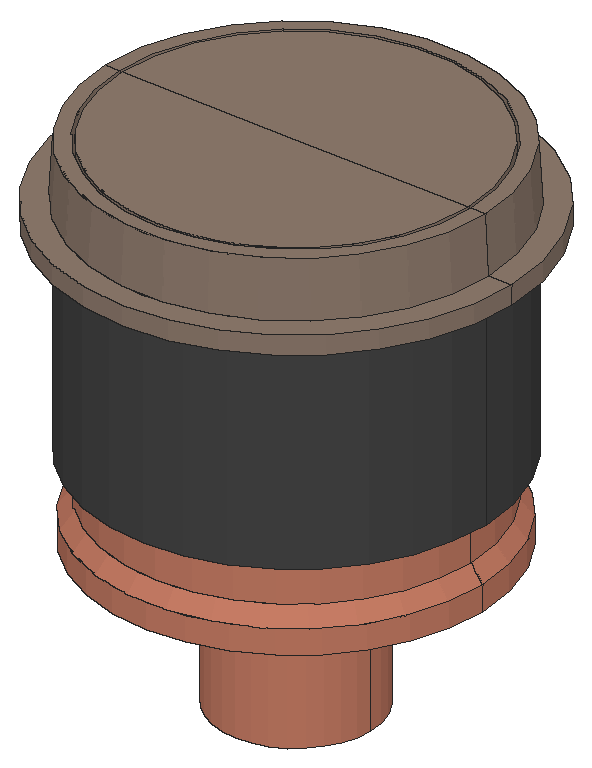
Revit family
Parameters (values of type "4100S02")
  Weight (lb) = 12.59
  Warranty = "1 year material and workmanship"  # constant formula
  URL = "http://www.jrsmith.com"
  Technical and Installation = "http://jrsmith.com/products/cleanout/tech_data_index.htm"
  SmartBIM Object Version = 3  # constant formula
  SmartBIM Object Created By = "Reed Construction Data"  # constant formula
  Product URL = "http://www.jrsmith.com/products/cleanout/submittal/d4100.pdf"
  Pipe Radius = 1"
  OmniClass Title = "Facility Drainage Piping Cleanouts"  # constant formula
  OmniClass Code = "22-22 13 19 13"  # constant formula
  No Hub = yes
  Model = "4100"  # constant formula
  Material Finish = Duco Coated
  Material = Cast Iron
  Manufacturer = "Jay R. Smith Mfg. Co. "  # constant formula
  Floor Offset = 0"
  Description = "Duco cast iron cleanout with round adjustable scoriated secured nickel bronze top"  # constant formula
  Default Elevation = 0"
  Connection Type = ""
  Assembly Code = "D2030400"
  Adjustable Height = 3 5/16"
  95 CSI = "15155"  # constant formula
  04 CSI = "22 13 19"  # constant formula
Types (4): name | Weight (lb) | Pipe Radius
  4100S03 | 12.31 | 1 1/2"
  4100S04 | 12.07 | 2"
  4100S02 | 12.59 | 1"
  4100S05 | 11.8 | 2 1/2"
Reference planes (in)
  plane 1 "Center (Front/Back)": y = 0.875
  plane 2: z = 0
  plane 3 "Center (Left/Right)": x = 0
  plane 4: y = 7
  plane 5: y = -5.25
  plane 6: z = 0.125
Dimensions and locks (in)
  equal spacing: plane 5, plane 1 "Center (Front/Back)", plane 4
  "Floor Offset": level to nested 1
  aligned and locked: plane 3 "Center (Left/Right)" to nested 1
  aligned and locked: plane 1 "Center (Front/Back)" to nested 1
Nested families (in)
  nested 1: "4100" at (0, 0, 0), type "4100S03"
Connectors (in)
  piping at (0, 0.875, -7.96742), driven by "Pipe Radius"
    settings: on nested 1, index 1
Definition of nested family "4100"
  Parameters (values of type "4100S02")
    Weight (lb) = 12.59
    Warranty = "1 year material and workmanship"  # constant formula
    URL = "http://www.jrsmith.com"
    Technical and Installation = "http://jrsmith.com/products/cleanout/tech_data_index.htm"
    SmartBIM Object Version = 3  # constant formula
    SmartBIM Object Created By = "Reed Construction Data"  # constant formula
    Product URL = "http://www.jrsmith.com/products/cleanout/submittal/d4100.pdf"
    Pipe Radius = 1"
    Pipe = Copper Satin
    OmniClass Title = "Facility Drainage Piping Cleanouts"  # constant formula
    OmniClass Code = "22-22 13 19 13"  # constant formula
    No Hub = yes
    Model = "4100"  # constant formula
    Material Finish = Duco Coated
    Material = Cast Iron
    Manufacturer = "Jay R. Smith Mfg. Co. "  # constant formula
    Description = "Duco cast iron cleanout with round adjustable scoriated secured nickel bronze top"  # constant formula
    Default Elevation = 0"
    Connection Type = ""
    Assembly Code = "D2030400"
    Adjustable Height = 3 5/16"
    95 CSI = "15155"  # constant formula
    04 CSI = "22 13 19"  # constant formula
  Types (4): name | Weight (lb) | Pipe Radius
    4100S03 | 12.31 | 1 1/2"
    4100S04 | 12.07 | 2"
    4100S02 | 12.59 | 1"
    4100S05 | 11.8 | 2 1/2"
  Reference planes (in)
    plane 1 "Center (Front/Back)": y = 0.875
    plane 2: z = 0
    plane 3 "Center (Left/Right)": x = 0
    plane 4: y = 7
    plane 5: y = -5.25
    plane 6: z = 0.125
    plane 7: z = -7.96742
    plane 8: z = -3.1875
  Forms (in)
    Revolve 1, solid, material "Duco Coated" <- "Material Finish", detail levels medium+fine
      sketch origin (0, 0.875, -2.89922) x (1, 0, 0) y (0, 0, 1)
        loop
          line (2.78083, 2.15654) -> (2.78083, -1.44702) -> (3.05972, -1.44702) -> (3.05972, 2.15654) -> (2.78083, 2.15654)
        axis (0, -1.44702) -> (0, 2.15654)
      angle from 0 to 360
    Revolve 2, solid, material "Copper Satin" <- "Pipe", detail levels medium+fine
      sketch origin (0, 0.875, -2.89922) x (1, 0, 0) y (0, 0, 1)
        loop
          line (2.67049, -2.50393) -> (1, -2.50393) -> (1, -5.0682) -> (1.20493, -5.0682) -> (1.20493, -2.71746) -> (3.00111, -2.71746) -> (3.00111, -2.33538) -> (2.81208, -2.08504) -> (2.81208, -0.96346) -> (2.30838, -0.96346) -> (2.30838, -1.37457) -> (2.02832, -1.37457) -> (2.02832, -1.98539) -> (2.67049, -1.98539) -> (2.67049, -2.50393)
        axis (0, -5.0682) -> (0, -0.96346)
      angle from 0 to 360
    Revolve 3, solid, material "Cast Iron" <- "Material", detail levels medium+fine
      sketch origin (0, 0.875, -2.89922) x (1, 0, 0) y (0, 0, 1)
        loop
          line (0, 3.02422) -> (0, 2.31027) -> (0.0824, 2.31027) -> (0.0824, 2.49915) -> (2.74696, 2.49915) -> (2.77448, 3.02422) -> (0, 3.02422)
        axis (0, 3.02422) -> (0, 2.31027)
      angle from 0 to 360
    Revolve 4, solid, material "Cast Iron" <- "Material", detail levels medium+fine
      sketch origin (0, 0.875, -2.89922) x (1, 0, 0) y (0, 0, 1)
        loop
          line (3.10665, 2.15654) -> (3.0524, 3.02422) -> (2.82485, 3.02422) -> (2.79384, 2.43208) -> (2.22922, 2.43208) -> (2.2127, 2.11795) -> (2.83332, 2.11795) -> (2.8465, 1.86548) -> (3.47688, 1.86548) -> (3.47688, 2.15654) -> (3.10665, 2.15654)
        axis (0, 1.86548) -> (0, 3.02422)
      angle from 0 to 360
  Lines and regions (in)
    model lines
      curve 1: line (0, 0.875, -7.96742) -> (0, 0.875, 0.125)
      curve 2: line (-2.5, 0.875, 0.125) -> (2.5, 0.875, 0.125)
  Dimensions and locks (in)
    equal spacing: plane 5, plane 1 "Center (Front/Back)", plane 4
    Revolve 2 sketch curve to Revolve 2 sketch curve to Revolve 2 sketch curve to Revolve 2 sketch curve to Revolve 2 sketch curve to plane 3 "Center (Left/Right)" = 0.18903" locked, 0.14158" locked, 0.36212" locked, 0.28006" locked, 2.02832" locked
    locked: Revolve 2 sketch curve to Revolve 2 sketch curve at 0.20493
    "Pipe Radius": Revolve 2 sketch curve to plane 3 "Center (Left/Right)"
    "Adjustable Height": plane 6 to plane 8
    plane 6 to Revolve 4 sketch curve to Revolve 4 sketch curve to Revolve 4 sketch curve to Revolve 4 sketch curve = 0.59214" locked, 0.27554" locked, 0.03859" locked, 0.25247" locked
    plane 6 to Revolve 3 sketch curve to Revolve 3 sketch curve = 0.52507" locked, 0.18888" locked
    plane 8 to Revolve 2 sketch curve to Revolve 2 sketch curve to Revolve 2 sketch curve to Revolve 2 sketch curve to Revolve 2 sketch curve to Revolve 2 sketch curve to Revolve 2 sketch curve = 0.67518" locked, 0.41111" locked, 0.61082" locked, 0.09965" locked, 0.25034" locked, 0.16855" locked, 0.21353" locked
    locked: plane 8 to plane 7 at 4.77992
    "Adjustable Height": Revolve 4 to Revolve 1 sketch curve
    aligned and locked: curve 1 to Revolve 2
    aligned and locked: Revolve 4 to curve 1
    aligned and locked: curve 2 to Revolve 4
    aligned and locked: plane 6 to Revolve 4 sketch curve
    aligned and locked: plane 6 to Revolve 3 sketch curve
    aligned and locked: plane 7 to Revolve 2 sketch curve
    aligned and locked: Revolve 4 to Revolve 1 sketch curve
  Automatic sketch dimensions
    Revolve 3 sketch curve to plane 3 "Center (Left/Right)" = 0"  (x2)
    plane 3 "Center (Left/Right)" to Revolve 3 sketch curve = 0.0824"
    Revolve 3 sketch curve to Revolve 3 sketch curve = 2.66456"
    Revolve 3 sketch curve to Revolve 3 sketch curve = 0.02752"
    Revolve 3 sketch curve to Revolve 3 sketch curve = 0.58586"
    Revolve 4 sketch curve to plane 3 "Center (Left/Right)" = 0"
    plane 3 "Center (Left/Right)" to Revolve 4 sketch curve = 2.2127"
    Revolve 4 sketch curve to Revolve 4 sketch curve = 0.01651"
    Revolve 4 sketch curve to Revolve 4 sketch curve = 0.56462"
    Revolve 4 sketch curve to Revolve 4 sketch curve = 0.03102"
    Revolve 4 sketch curve to Revolve 4 sketch curve = 0.03948"
    Revolve 4 sketch curve to Revolve 4 sketch curve = 0.01319"
    Revolve 4 sketch curve to Revolve 4 sketch curve = 0.22754"
    Revolve 4 sketch curve to Revolve 4 sketch curve = 0.27333"
    Revolve 4 sketch curve to Revolve 4 sketch curve = 0.37023"
    Revolve 4 sketch curve to Revolve 4 sketch curve = 1.86433"
    Revolve 2 sketch curve to plane 3 "Center (Left/Right)" = 0"
    Revolve 2 sketch curve to Revolve 2 sketch curve = 0.34082"
    level to Revolve 2 sketch curve = 1.41717"
    curve 1 to plane 3 "Center (Left/Right)" = 0"
    curve 2 to curve 1 = 2 1/2"
    plane 3 "Center (Left/Right)" to curve 2 = 2 1/2"
    Revolve 3 sketch curve to level = 2.89922"
    Revolve 4 sketch curve to level = 1.03489"
    Revolve 1 sketch curve to plane 3 "Center (Left/Right)" = 0"
    plane 3 "Center (Left/Right)" to Revolve 1 sketch curve = 2.78083"
    Revolve 1 sketch curve to Revolve 1 sketch curve = 0.27889"
    plane 8 to Revolve 1 sketch curve = 0.74547"
    Revolve 1 sketch curve to plane 6 = 0.50448"
  Connectors (in)
    piping at (0, 0.875, -7.96742), driven by "Pipe Radius"
      settings: on Revolve 2, index 2
